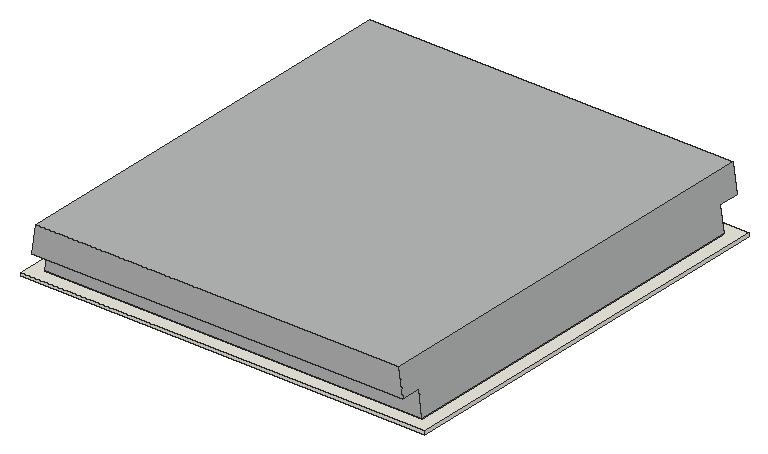
Revit family "OPERLUX", category Осветительные приборы, Revit 2019 (continued)
Types (8, lengths in mm): name | Файл фотометрической сетки | built-in parameter 1150105 | Lumens | built-in parameter 1150106 | built-in parameter 1150142 | Wattage | ADSK_Ток | ADSK_Полная мощность | ADSK_Обозначение | ADSK_Номинальная мощность | ADSK_Наименование | ADSK_Код изделия
  CSVT Operlux-34/prisma  (IP20, 4000К, грильято) c БАП на 1 час. | "Светильник OPERLUX-34 PRISMA-(588x588).IES" | 246.69 (stored number, unit not read) | 3100 lm | 2.4669 (stored number, unit not read) | "IESNA:LM-63-95\r\n[TEST] Протокол № 50\r\n[DATA] 17.06.2016\r\n[MORE] \r\n[MANUFAC] ЗАО \"Центрстройсвет\"\r\n[LUMCAT]  Светильник OPERLUX-34/PRISMA-(588x588) \r\n[LUMINAIRE]\r\n[LAMPCAT] Светодиоды\r\n[LAMP] Поток источника света (светодиодов) не известен\r\n[MORE] КСС приведена в абсолютных величинах кд\r\n[MORE] Вместо потока лампы, указан поток светильника.\r\nTILT=NONE\r\n1    3050 1.0 37 73 1 2 0.588 0.588 0.08\r\n1.0 1.0 34\r\n0.0 5.0 10.0 15.0 20.0 25.0 30.0 35.0 40.0 45.0 50.0 55.0 60.0 65.0 70.0 75.0 80.0 85.0 90.0 95.0 100.0 105.0 110.0 115.0 120.0 125.0 130.0 135.0 140.0 145.0 150.0 155.0 160.0 165.0 170.0 175.0 180.0\r\n0.0 5.0 10.0 15.0 20.0 25.0 30.0 35.0 40.0 45.0 50.0 55.0 60.0 65.0 70.0 75.0 80.0 85.0 90.0 95.0 100.0 105.0 110.0 115.0 120.0 125.0 130.0 135.0 140.0 145.0 150.0 155.0 160.0 165.0 170.0 175.0 180.0 185.0 190.0 195.0 200.0 205.0 210.0 215.0 220.0 225.0 230.0 235.0 240.0 245.0 250.0 255.0 260.0 265.0 270.0 275.0 280.0 285.0 290.0 295.0 300.0 305.0 310.0 315.0 320.0 325.0 330.0 335.0 340.0 345.0 350.0 355.0 360.0\r\n1367.8 1364.1 1339.9 1310.7 1251.0 1171.4 1077.9 956.5 826.9 709.2 591.4 468.7 352.2 267.2 190.7 130.0 88.6 43.5 5.5 0.0 0.0 0.0 0.0 0.0 0.0 0.0 0.0 0.0 0.0 0.0 0.0 0.0 0.0 0.0 0.0 0.0 0.0\r\n1367.8 1365.7 1344.6 1309.2 1251.5 1175.2 1073.4 954.2 830.4 711.2 594.6 469.5 356.0 268.7 191.9 132.6 89.9 43.9 6.3 0.0 0.0 0.0 0.0 0.0 0.0 0.0 0.0 0.0 0.0 0.0 0.0 0.0 0.0 0.0 0.0 0.0 0.0\r\n1367.8 1367.4 1347.2 1302.8 1251.5 1178.6 1078.4 958.6 835.1 714.0 597.2 474.3 359.6 268.7 192.7 135.6 92.1 44.3 6.9 0.0 0.0 0.0 0.0 0.0 0.0 0.0 0.0 0.0 0.0 0.0 0.0 0.0 0.0 0.0 0.0 0.0 0.0\r\n1367.8 1368.2 1346.2 1303.1 1250.1 1177.1 1081.4 960.9 838.1 716.2 597.6 475.0 358.6 266.4 190.9 134.8 91.7 44.9 7.0 0.0 0.0 0.0 0.0 0.0 0.0 0.0 0.0 0.0 0.0 0.0 0.0 0.0 0.0 0.0 0.0 0.0 0.0\r\n1367.8 1367.7 1343.5 1306.2 1256.1 1180.0 1081.0 961.6 838.1 714.0 595.7 473.1 356.8 262.2 188.3 132.8 89.3 43.7 6.6 0.0 0.0 0.0 0.0 0.0 0.0 0.0 0.0 0.0 0.0 0.0 0.0 0.0 0.0 0.0 0.0 0.0 0.0\r\n1367.8 1366.2 1344.8 1309.0 1256.2 1184.6 1080.4 962.6 836.8 714.8 593.8 469.6 354.4 260.1 184.9 130.4 88.4 44.2 6.5 0.0 0.0 0.0 0.0 0.0 0.0 0.0 0.0 0.0 0.0 0.0 0.0 0.0 0.0 0.0 0.0 0.0 0.0\r\n1367.8 1364.3 1347.6 1312.1 1259.9 1177.4 1078.5 968.2 849.1 721.6 596.0 467.2 355.0 257.4 183.3 127.1 87.5 45.4 6.5 0.0 0.0 0.0 0.0 0.0 0.0 0.0 0.0 0.0 0.0 0.0 0.0 0.0 0.0 0.0 0.0 0.0 0.0\r\n1367.8 1363.3 1348.8 1312.0 1262.8 1181.2 1077.4 968.8 853.2 730.0 597.2 466.8 353.5 256.9 181.1 124.8 87.2 45.9 6.9 0.0 0.0 0.0 0.0 0.0 0.0 0.0 0.0 0.0 0.0 0.0 0.0 0.0 0.0 0.0 0.0 0.0 0.0\r\n1367.8 1364.0 1350.3 1308.2 1255.9 1182.2 1079.9 969.0 856.0 734.3 601.1 468.4 352.6 254.4 178.0 121.7 85.5 45.0 6.9 0.0 0.0 0.0 0.0 0.0 0.0 0.0 0.0 0.0 0.0 0.0 0.0 0.0 0.0 0.0 0.0 0.0 0.0\r\n1367.8 1364.9 1349.2 1313.0 1259.2 1178.2 1076.4 970.7 860.9 740.8 606.9 469.1 350.2 254.0 175.6 117.8 83.6 43.4 6.7 0.0 0.0 0.0 0.0 0.0 0.0 0.0 0.0 0.0 0.0 0.0 0.0 0.0 0.0 0.0 0.0 0.0 0.0\r\n1367.8 1365.0 1348.6 1315.3 1261.5 1184.1 1082.6 973.9 862.8 745.2 607.9 469.0 350.5 253.1 173.2 116.2 81.4 42.4 6.5 0.0 0.0 0.0 0.0 0.0 0.0 0.0 0.0 0.0 0.0 0.0 0.0 0.0 0.0 0.0 0.0 0.0 0.0\r\n1367.8 1364.4 1347.9 1315.3 1258.7 1186.3 1085.9 970.5 862.2 747.0 613.0 468.8 350.2 252.8 173.4 116.6 79.8 40.9 6.7 0.0 0.0 0.0 0.0 0.0 0.0 0.0 0.0 0.0 0.0 0.0 0.0 0.0 0.0 0.0 0.0 0.0 0.0\r\n1367.8 1363.4 1347.0 1308.3 1258.6 1184.3 1089.8 973.9 867.7 742.3 606.2 467.0 350.0 252.6 175.4 119.1 79.8 42.1 7.1 0.0 0.0 0.0 0.0 0.0 0.0 0.0 0.0 0.0 0.0 0.0 0.0 0.0 0.0 0.0 0.0 0.0 0.0\r\n1367.8 1362.6 1348.4 1308.2 1261.4 1190.2 1088.3 978.6 869.6 744.0 601.1 462.4 350.2 253.6 175.9 123.0 83.5 45.3 7.8 0.0 0.0 0.0 0.0 0.0 0.0 0.0 0.0 0.0 0.0 0.0 0.0 0.0 0.0 0.0 0.0 0.0 0.0\r\n1367.8 1362.3 1347.3 1311.1 1262.3 1191.1 1093.6 982.5 872.1 746.6 597.2 461.1 348.8 251.4 176.3 127.6 89.2 48.5 7.9 0.0 0.0 0.0 0.0 0.0 0.0 0.0 0.0 0.0 0.0 0.0 0.0 0.0 0.0 0.0 0.0 0.0 0.0\r\n1367.8 1362.5 1345.8 1316.1 1260.6 1190.3 1096.8 982.6 873.3 743.8 593.1 456.4 347.2 250.6 175.7 130.9 94.2 51.8 9.3 0.0 0.0 0.0 0.0 0.0 0.0 0.0 0.0 0.0 0.0 0.0 0.0 0.0 0.0 0.0 0.0 0.0 0.0\r\n1367.8 1363.2 1345.2 1315.5 1267.1 1195.5 1096.1 995.9 871.3 740.3 589.0 455.0 342.8 246.9 174.2 131.9 97.1 52.4 10.1 0.0 0.0 0.0 0.0 0.0 0.0 0.0 0.0 0.0 0.0 0.0 0.0 0.0 0.0 0.0 0.0 0.0 0.0\r\n1367.8 1364.5 1346.0 1317.2 1264.0 1194.7 1102.6 991.8 873.9 736.2 584.7 454.3 338.6 243.0 171.3 130.1 99.3 53.7 9.5 0.0 0.0 0.0 0.0 0.0 0.0 0.0 0.0 0.0 0.0 0.0 0.0 0.0 0.0 0.0 0.0 0.0 0.0\r\n1367.8 1365.9 1346.4 1317.1 1264.0 1198.2 1105.3 994.6 872.6 727.7 582.0 451.8 335.8 239.9 168.3 127.6 100.0 55.8 7.5 0.0 0.0 0.0 0.0 0.0 0.0 0.0 0.0 0.0 0.0 0.0 0.0 0.0 0.0 0.0 0.0 0.0 0.0\r\n1367.8 1366.3 1344.9 1317.5 1265.6 1200.4 1108.2 997.2 868.8 722.7 575.8 446.5 333.1 238.4 167.7 126.3 98.1 56.1 8.8 0.0 0.0 0.0 0.0 0.0 0.0 0.0 0.0 0.0 0.0 0.0 0.0 0.0 0.0 0.0 0.0 0.0 0.0\r\n1367.8 1365.9 1344.0 1313.0 1263.2 1200.6 1104.3 997.0 862.7 720.9 568.5 441.0 331.7 237.8 167.7 126.3 96.7 53.7 9.4 0.0 0.0 0.0 0.0 0.0 0.0 0.0 0.0 0.0 0.0 0.0 0.0 0.0 0.0 0.0 0.0 0.0 0.0\r\n1367.8 1365.3 1346.1 1312.6 1263.0 1198.3 1108.1 995.3 861.6 712.7 563.4 437.4 331.4 236.8 165.9 124.7 95.3 55.2 9.1 0.0 0.0 0.0 0.0 0.0 0.0 0.0 0.0 0.0 0.0 0.0 0.0 0.0 0.0 0.0 0.0 0.0 0.0\r\n1367.8 1364.9 1349.2 1313.0 1262.9 1199.0 1108.3 993.8 855.7 710.3 563.1 435.2 329.9 233.9 163.4 121.6 92.0 55.1 8.8 0.0 0.0 0.0 0.0 0.0 0.0 0.0 0.0 0.0 0.0 0.0 0.0 0.0 0.0 0.0 0.0 0.0 0.0\r\n1367.8 1364.1 1352.0 1313.2 1259.2 1197.0 1104.6 988.6 849.9 704.2 562.4 433.5 327.9 230.5 158.4 116.9 87.6 51.4 7.8 0.0 0.0 0.0 0.0 0.0 0.0 0.0 0.0 0.0 0.0 0.0 0.0 0.0 0.0 0.0 0.0 0.0 0.0\r\n1367.8 1363.0 1349.6 1313.3 1257.8 1193.2 1098.7 980.1 848.0 708.1 565.6 433.4 325.1 228.0 154.2 111.3 83.7 49.7 7.5 0.0 0.0 0.0 0.0 0.0 0.0 0.0 0.0 0.0 0.0 0.0 0.0 0.0 0.0 0.0 0.0 0.0 0.0\r\n1367.8 1361.9 1346.7 1314.1 1256.8 1193.2 1093.6 977.6 847.2 708.6 569.1 434.8 324.5 225.9 151.7 107.5 81.6 48.9 7.3 0.0 0.0 0.0 0.0 0.0 0.0 0.0 0.0 0.0 0.0 0.0 0.0 0.0 0.0 0.0 0.0 0.0 0.0\r\n1367.8 1361.2 1345.0 1309.5 1261.1 1193.3 1089.9 973.2 851.1 709.3 572.7 435.0 323.4 225.4 152.1 105.8 80.4 49.9 7.3 0.0 0.0 0.0 0.0 0.0 0.0 0.0 0.0 0.0 0.0 0.0 0.0 0.0 0.0 0.0 0.0 0.0 0.0\r\n1367.8 1360.5 1345.3 1307.2 1258.6 1186.4 1085.9 974.0 847.9 714.1 575.5 436.8 321.2 223.3 152.0 105.2 79.8 49.6 8.0 0.0 0.0 0.0 0.0 0.0 0.0 0.0 0.0 0.0 0.0 0.0 0.0 0.0 0.0 0.0 0.0 0.0 0.0\r\n1367.8 1360.0 1344.3 1308.1 1257.8 1178.2 1085.3 975.1 848.7 715.2 575.4 439.1 318.7 223.0 150.8 104.3 79.3 49.5 8.2 0.0 0.0 0.0 0.0 0.0 0.0 0.0 0.0 0.0 0.0 0.0 0.0 0.0 0.0 0.0 0.0 0.0 0.0\r\n1367.8 1360.5 1346.2 1311.6 1256.3 1174.7 1082.9 978.6 851.4 710.5 574.9 440.6 317.9 221.6 152.3 106.4 79.3 48.7 8.4 0.0 0.0 0.0 0.0 0.0 0.0 0.0 0.0 0.0 0.0 0.0 0.0 0.0 0.0 0.0 0.0 0.0 0.0\r\n1367.8 1361.9 1350.3 1309.3 1252.2 1172.6 1080.3 970.8 851.2 713.3 570.6 439.7 319.0 222.4 154.5 110.7 81.7 47.4 8.1 0.0 0.0 0.0 0.0 0.0 0.0 0.0 0.0 0.0 0.0 0.0 0.0 0.0 0.0 0.0 0.0 0.0 0.0\r\n1367.8 1363.7 1348.0 1307.6 1253.5 1171.4 1087.1 971.6 851.9 710.7 569.9 438.2 323.8 226.5 159.3 115.4 83.3 45.0 7.6 0.0 0.0 0.0 0.0 0.0 0.0 0.0 0.0 0.0 0.0 0.0 0.0 0.0 0.0 0.0 0.0 0.0 0.0\r\n1367.8 1365.3 1346.4 1312.3 1251.8 1172.7 1086.5 974.6 847.7 705.0 567.7 442.4 326.6 234.0 164.3 120.1 85.8 43.9 7.4 0.0 0.0 0.0 0.0 0.0 0.0 0.0 0.0 0.0 0.0 0.0 0.0 0.0 0.0 0.0 0.0 0.0 0.0\r\n1367.8 1366.2 1347.0 1309.1 1250.4 1170.7 1085.2 978.5 846.6 705.8 567.4 441.3 331.1 236.3 167.7 122.8 88.4 45.0 8.1 0.0 0.0 0.0 0.0 0.0 0.0 0.0 0.0 0.0 0.0 0.0 0.0 0.0 0.0 0.0 0.0 0.0 0.0\r\n1367.8 1366.0 1347.9 1306.2 1240.5 1166.7 1082.2 977.2 844.2 702.8 566.8 442.7 335.1 241.3 169.7 123.7 90.0 45.9 9.2 0.0 0.0 0.0 0.0 0.0 0.0 0.0 0.0 0.0 0.0 0.0 0.0 0.0 0.0 0.0 0.0 0.0 0.0\r\n1367.8 1364.3 1346.5 1311.7 1250.6 1170.3 1080.9 980.5 844.4 703.8 569.8 446.4 334.2 240.3 169.5 121.7 87.9 46.9 9.3 0.0 0.0 0.0 0.0 0.0 0.0 0.0 0.0 0.0 0.0 0.0 0.0 0.0 0.0 0.0 0.0 0.0 0.0\r\n1367.8 1361.6 1341.0 1307.3 1249.6 1169.2 1088.8 980.5 845.1 706.2 571.7 444.8 333.0 238.4 168.9 120.7 87.1 47.8 7.8 0.0 0.0 0.0 0.0 0.0 0.0 0.0 0.0 0.0 0.0 0.0 0.0 0.0 0.0 0.0 0.0 0.0 0.0\r\n1367.8 1359.4 1337.2 1303.3 1252.4 1170.4 1080.4 978.1 841.4 701.4 566.4 444.4 333.5 241.2 169.4 122.2 88.2 47.2 9.5 0.0 0.0 0.0 0.0 0.0 0.0 0.0 0.0 0.0 0.0 0.0 0.0 0.0 0.0 0.0 0.0 0.0 0.0\r\n1367.8 1359.3 1342.6 1310.3 1242.7 1173.0 1078.8 976.3 844.8 702.0 565.3 440.7 332.8 240.9 169.9 123.5 89.5 46.1 9.1 0.0 0.0 0.0 0.0 0.0 0.0 0.0 0.0 0.0 0.0 0.0 0.0 0.0 0.0 0.0 0.0 0.0 0.0\r\n1367.8 1361.3 1345.4 1306.4 1248.2 1167.7 1080.4 980.5 846.8 703.5 567.2 443.4 333.2 240.2 168.7 123.1 88.4 46.2 8.4 0.0 0.0 0.0 0.0 0.0 0.0 0.0 0.0 0.0 0.0 0.0 0.0 0.0 0.0 0.0 0.0 0.0 0.0\r\n1367.8 1364.4 1343.1 1308.2 1251.3 1170.9 1084.2 980.8 848.5 707.7 571.1 445.6 332.7 238.1 167.5 120.7 85.6 44.6 7.7 0.0 0.0 0.0 0.0 0.0 0.0 0.0 0.0 0.0 0.0 0.0 0.0 0.0 0.0 0.0 0.0 0.0 0.0\r\n1367.8 1366.7 1342.9 1310.2 1254.3 1176.8 1087.8 981.7 853.4 711.9 574.2 446.0 329.4 232.8 162.6 116.6 83.7 45.3 8.1 0.0 0.0 0.0 0.0 0.0 0.0 0.0 0.0 0.0 0.0 0.0 0.0 0.0 0.0 0.0 0.0 0.0 0.0\r\n1367.8 1367.7 1346.5 1310.6 1258.1 1183.1 1085.5 978.6 854.1 714.2 577.9 448.7 327.1 229.4 158.3 112.1 82.0 47.9 9.0 0.0 0.0 0.0 0.0 0.0 0.0 0.0 0.0 0.0 0.0 0.0 0.0 0.0 0.0 0.0 0.0 0.0 0.0\r\n1367.8 1367.3 1348.0 1310.6 1262.6 1180.1 1086.5 982.6 856.7 719.8 579.9 448.7 324.7 226.8 155.7 107.8 80.3 50.1 9.5 0.0 0.0 0.0 0.0 0.0 0.0 0.0 0.0 0.0 0.0 0.0 0.0 0.0 0.0 0.0 0.0 0.0 0.0\r\n1367.8 1365.6 1348.6 1309.9 1259.0 1186.0 1089.0 979.4 855.0 722.2 584.2 450.5 325.6 227.6 155.8 107.2 80.5 51.4 9.6 0.0 0.0 0.0 0.0 0.0 0.0 0.0 0.0 0.0 0.0 0.0 0.0 0.0 0.0 0.0 0.0 0.0 0.0\r\n1367.8 1363.3 1347.7 1306.8 1261.1 1190.7 1095.5 982.3 860.8 723.2 585.7 446.3 327.8 230.3 158.2 109.3 81.7 51.4 9.3 0.0 0.0 0.0 0.0 0.0 0.0 0.0 0.0 0.0 0.0 0.0 0.0 0.0 0.0 0.0 0.0 0.0 0.0\r\n1367.8 1361.0 1344.4 1306.7 1264.4 1191.7 1095.0 984.8 858.7 723.1 583.6 444.8 328.4 232.3 158.6 109.9 81.8 51.7 9.0 0.0 0.0 0.0 0.0 0.0 0.0 0.0 0.0 0.0 0.0 0.0 0.0 0.0 0.0 0.0 0.0 0.0 0.0\r\n1367.8 1359.1 1344.3 1308.4 1263.8 1198.1 1102.2 989.8 861.5 721.8 582.8 444.8 331.3 233.7 158.6 111.1 83.0 50.9 8.9 0.0 0.0 0.0 0.0 0.0 0.0 0.0 0.0 0.0 0.0 0.0 0.0 0.0 0.0 0.0 0.0 0.0 0.0\r\n1367.8 1357.8 1346.5 1313.8 1263.6 1192.7 1107.0 996.3 859.5 718.8 579.1 442.9 332.1 234.9 160.7 114.1 84.6 51.0 9.2 0.0 0.0 0.0 0.0 0.0 0.0 0.0 0.0 0.0 0.0 0.0 0.0 0.0 0.0 0.0 0.0 0.0 0.0\r\n1367.8 1357.7 1347.3 1313.2 1264.3 1198.9 1108.1 998.6 864.9 718.7 573.2 441.1 332.1 237.8 164.0 118.2 87.5 52.0 9.8 0.0 0.0 0.0 0.0 0.0 0.0 0.0 0.0 0.0 0.0 0.0 0.0 0.0 0.0 0.0 0.0 0.0 0.0\r\n1367.8 1358.5 1346.9 1313.1 1266.5 1195.6 1112.2 1002.8 870.4 722.5 574.7 443.8 335.7 239.1 166.4 121.6 91.2 55.8 10.9 0.0 0.0 0.0 0.0 0.0 0.0 0.0 0.0 0.0 0.0 0.0 0.0 0.0 0.0 0.0 0.0 0.0 0.0\r\n1367.8 1359.8 1344.7 1312.9 1269.5 1203.1 1107.5 1002.6 874.5 724.4 574.3 444.8 335.5 240.3 169.6 124.4 94.2 56.9 11.6 0.0 0.0 0.0 0.0 0.0 0.0 0.0 0.0 0.0 0.0 0.0 0.0 0.0 0.0 0.0 0.0 0.0 0.0\r\n1367.8 1361.7 1344.5 1316.7 1266.1 1199.3 1111.1 1004.7 879.7 733.6 577.6 446.7 337.8 241.2 168.7 126.0 96.3 56.5 11.7 0.0 0.0 0.0 0.0 0.0 0.0 0.0 0.0 0.0 0.0 0.0 0.0 0.0 0.0 0.0 0.0 0.0 0.0\r\n1367.8 1363.9 1346.7 1316.2 1265.7 1198.1 1117.1 1006.7 882.1 737.2 586.5 450.4 338.9 242.3 167.8 125.5 98.6 58.1 10.5 0.0 0.0 0.0 0.0 0.0 0.0 0.0 0.0 0.0 0.0 0.0 0.0 0.0 0.0 0.0 0.0 0.0 0.0\r\n1367.8 1365.2 1345.4 1319.5 1265.7 1198.8 1109.1 1003.5 876.9 742.6 589.1 456.4 341.1 242.1 167.5 126.8 100.2 57.9 8.8 0.0 0.0 0.0 0.0 0.0 0.0 0.0 0.0 0.0 0.0 0.0 0.0 0.0 0.0 0.0 0.0 0.0 0.0\r\n1367.8 1365.0 1345.2 1312.9 1265.8 1199.0 1109.7 999.6 877.6 742.6 595.8 457.7 342.1 245.3 170.4 128.5 99.0 56.9 11.0 0.0 0.0 0.0 0.0 0.0 0.0 0.0 0.0 0.0 0.0 0.0 0.0 0.0 0.0 0.0 0.0 0.0 0.0\r\n1367.8 1364.1 1347.9 1311.6 1271.1 1195.3 1102.7 998.9 881.1 745.5 597.2 460.9 345.1 248.6 174.0 129.7 96.5 55.6 11.2 0.0 0.0 0.0 0.0 0.0 0.0 0.0 0.0 0.0 0.0 0.0 0.0 0.0 0.0 0.0 0.0 0.0 0.0\r\n1367.8 1363.0 1347.3 1314.0 1269.6 1192.3 1104.9 991.5 878.3 748.8 603.5 463.3 348.1 251.3 177.2 130.4 94.2 55.0 10.3 0.0 0.0 0.0 0.0 0.0 0.0 0.0 0.0 0.0 0.0 0.0 0.0 0.0 0.0 0.0 0.0 0.0 0.0\r\n1367.8 1362.4 1346.2 1314.7 1264.3 1194.7 1094.8 992.0 878.4 749.1 608.2 465.6 349.4 252.9 177.2 127.6 90.1 51.7 8.7 0.0 0.0 0.0 0.0 0.0 0.0 0.0 0.0 0.0 0.0 0.0 0.0 0.0 0.0 0.0 0.0 0.0 0.0\r\n1367.8 1362.7 1348.0 1314.5 1265.5 1196.6 1094.9 983.4 872.0 752.6 609.3 469.0 352.6 254.1 177.1 125.0 85.8 47.2 8.1 0.0 0.0 0.0 0.0 0.0 0.0 0.0 0.0 0.0 0.0 0.0 0.0 0.0 0.0 0.0 0.0 0.0 0.0\r\n1367.8 1362.9 1347.6 1317.1 1264.6 1191.1 1090.4 981.6 868.8 748.7 612.1 472.2 352.0 253.6 176.2 121.4 83.1 43.4 6.9 0.0 0.0 0.0 0.0 0.0 0.0 0.0 0.0 0.0 0.0 0.0 0.0 0.0 0.0 0.0 0.0 0.0 0.0\r\n1367.8 1362.5 1343.6 1318.7 1268.8 1192.3 1085.5 974.5 866.1 750.5 612.3 472.0 350.7 253.1 174.7 119.5 83.2 43.3 6.3 0.0 0.0 0.0 0.0 0.0 0.0 0.0 0.0 0.0 0.0 0.0 0.0 0.0 0.0 0.0 0.0 0.0 0.0\r\n1367.8 1362.1 1341.3 1317.3 1267.8 1185.0 1082.2 972.1 864.2 747.6 611.4 473.0 350.1 254.2 174.7 118.9 84.4 45.4 6.1 0.0 0.0 0.0 0.0 0.0 0.0 0.0 0.0 0.0 0.0 0.0 0.0 0.0 0.0 0.0 0.0 0.0 0.0\r\n1367.8 1362.2 1343.6 1308.9 1260.0 1189.4 1084.9 971.7 859.6 740.4 606.9 470.8 351.4 253.9 176.6 120.3 86.5 45.9 6.5 0.0 0.0 0.0 0.0 0.0 0.0 0.0 0.0 0.0 0.0 0.0 0.0 0.0 0.0 0.0 0.0 0.0 0.0\r\n1367.8 1363.0 1342.9 1314.5 1263.9 1184.9 1081.6 971.9 853.4 735.2 605.3 467.7 352.3 254.8 180.1 122.7 87.8 46.6 6.8 0.0 0.0 0.0 0.0 0.0 0.0 0.0 0.0 0.0 0.0 0.0 0.0 0.0 0.0 0.0 0.0 0.0 0.0\r\n1367.8 1364.3 1340.2 1313.1 1261.0 1182.5 1084.4 971.4 852.3 730.7 600.0 466.2 354.3 255.8 181.2 124.6 88.4 46.8 6.6 0.0 0.0 0.0 0.0 0.0 0.0 0.0 0.0 0.0 0.0 0.0 0.0 0.0 0.0 0.0 0.0 0.0 0.0\r\n1367.8 1365.9 1343.5 1308.2 1258.3 1181.3 1083.1 966.4 845.6 721.0 594.9 467.0 352.2 259.1 183.4 126.7 88.1 45.4 6.1 0.0 0.0 0.0 0.0 0.0 0.0 0.0 0.0 0.0 0.0 0.0 0.0 0.0 0.0 0.0 0.0 0.0 0.0\r\n1367.8 1366.3 1345.1 1308.7 1254.7 1177.8 1080.9 969.9 838.6 714.9 593.4 465.7 351.7 258.6 185.5 129.6 88.1 44.0 5.9 0.0 0.0 0.0 0.0 0.0 0.0 0.0 0.0 0.0 0.0 0.0 0.0 0.0 0.0 0.0 0.0 0.0 0.0\r\n1367.8 1364.5 1343.2 1306.3 1248.4 1177.3 1082.4 962.7 833.3 713.0 595.0 468.9 352.8 260.9 187.3 132.3 88.7 43.5 6.0 0.0 0.0 0.0 0.0 0.0 0.0 0.0 0.0 0.0 0.0 0.0 0.0 0.0 0.0 0.0 0.0 0.0 0.0\r\n1367.8 1362.4 1346.0 1305.7 1255.8 1170.9 1078.4 956.8 832.7 709.6 592.6 470.6 355.6 263.8 189.2 133.7 90.3 44.0 6.3 0.0 0.0 0.0 0.0 0.0 0.0 0.0 0.0 0.0 0.0 0.0 0.0 0.0 0.0 0.0 0.0 0.0 0.0\r\n1367.8 1362.0 1346.8 1311.0 1252.6 1177.3 1074.5 958.3 825.6 709.7 591.0 467.7 356.3 264.6 188.4 133.0 90.3 43.3 6.2 0.0 0.0 0.0 0.0 0.0 0.0 0.0 0.0 0.0 0.0 0.0 0.0 0.0 0.0 0.0 0.0 0.0 0.0\r\n1367.8 1363.0 1341.5 1311.3 1242.3 1175.5 1082.4 953.9 818.8 707.4 591.0 466.6 352.5 265.4 188.6 130.9 89.0 43.1 6.3 0.0 0.0 0.0 0.0 0.0 0.0 0.0 0.0 0.0 0.0 0.0 0.0 0.0 0.0 0.0 0.0 0.0 0.0\r\n1367.8 1364.1 1339.9 1310.7 1251.0 1171.4 1077.9 956.5 826.9 709.2 591.4 468.7 352.2 267.2 190.7 130.0 88.6 43.5 5.5 0.0 0.0 0.0 0.0 0.0 0.0 0.0 0.0 0.0 0.0 0.0 0.0 0.0 0.0 0.0 0.0 0.0 0.0\r\n" | 20.8695 W | 0.151229 A | 34.7826 VA | "CSVT Operlux-34/prisma  (IP20, 4000К, грильято)" | 32 W | "Встраиваемый светодиодный светильник CSVT Operlux-34/prisma  (IP20, 4000К, грильято) c БАП на 1 час." | "ЦБ000006771"
